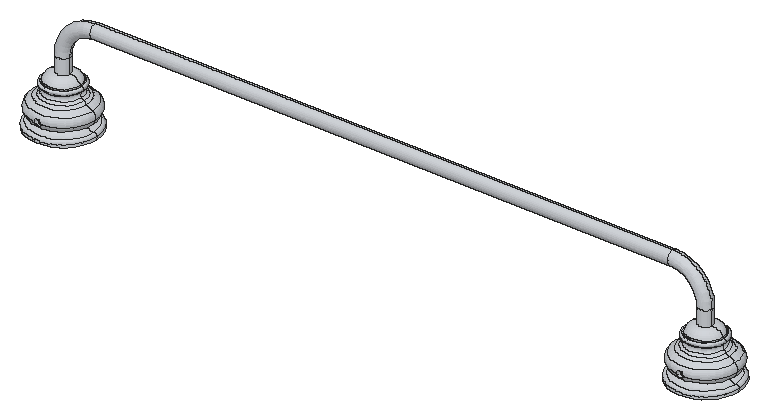
Revit family "Accessory-Towel_Bar-KOHLER-Fairfax-K-12151", category Specialty Equipment, host Face, Revit 2015
Parameters (values of type "CP-Polished Chrome")
  Width = 3 7/8"  # constant formula
  URL = "https://www.us.kohler.com/us/"
  Type = 1
  Product Page URL = "http://www.us.kohler.com/us/catalog/productDetails.jsp?productNumber=12151"
  Product Name = "Fairfax"  # constant formula
  Product Documentation Link = "http://www.us.kohler.com/onlinecatalog/pdf/K-12151_spec.pdf"
  Model = if(Type = 1, "K-12151-CP", if(Type = 2, "K-12151-BN", if(Type = 3, "K-12151-2BZ", "NA")))  # "K-12151-CP"
  Material = "Brass Construction"  # constant formula
  MasterFormat 2004 = "10.28.13"  # constant formula
  MasterFormat 1995 = "10820"  # constant formula
  Manufacturer Address = "444 Highland Dr, Kohler, WI 53044"  # constant formula
  Manufacturer = "KOHLER Co."  # constant formula
  Length = 26 1/2"  # constant formula
  Height = 2 1/2"  # constant formula
  Finish = Kohler-Metal-CP-Polished_Chrome
  Environmental Product Declaration = ""
  Description = "24 inch Towel Bar"  # constant formula
  Default Elevation = 42"
  Declare Label = ""
  Date Modified = "11/22/2018"  # constant formula
  Date Created = "11/22/2018"  # constant formula
  Copyright = "Copyright KOHLER Co."  # constant formula
  Contact Us = "https://www.us.kohler.com/us/static/contact.jsp"
  Assembly Code = "C1030200"
  ADA Compliant = 1 = 0  # no
Types (4): name | Type | Model | Finish
  (no name) | 1 | "K-12151-CP" | Kohler-Metal-CP-Polished_Chrome
  CP-Polished Chrome | 1 | "K-12151-CP" | Kohler-Metal-CP-Polished_Chrome
  BN-Vibrant Brushed Nickel | 2 | "K-12151-BN" | Kohler-Metal-BN-Vibrant_Brushed_Nickel
  2BZ-Oil-Rubbed Bronze | 3 | "K-12151-2BZ" | Kohler-Metal-2BZ-Oil_Rubbed_Bronze
Reference planes (in)
  plane 1 "Center (Front/Back)": y = 0
  plane 2: z = 0
  plane 3 "Center (Left/Right)": x = 0
  plane 4: x = -13.25
  plane 5: x = -10.75
  plane 6: x = -12
  plane 7: x = 12
  plane 8: x = 13.25
  plane 9: x = 10.75
  plane 10: z = 3.875
  plane 11: y = 1.25
  plane 12: y = -1.25
Dimensions and locks (in)
  "Height": plane 4 to plane 5
  "Width": plane 10 to level
  plane 6 to plane 7 = 24"
  "Length": plane 4 to plane 8
  plane 11 to plane 12 = 2 1/2"
  aligned and locked: plane 2 to host face
  aligned and locked: level to host face
Automatic sketch dimensions
  host sketch curve to host sketch curve = 96"  (x2)
Nested families (in)
  nested 1: "K-12151" at (0, 0, 0), type "K-12151"
Definition of nested family "K-12151"
  Parameters (values of type "K-12151")
    Material = none
  Reference planes (in)
    plane 1 "Center (Front/Back)": y = 0
    plane 2: z = 0
    plane 3 "Center (Left/Right)": x = 0
    plane 4: x = -12
    plane 5: x = 12
    plane 6: x = -10.75
    plane 7: x = -13.25
    plane 8: x = 10.75
    plane 9: x = 13.25
    plane 10: z = 3.875
    plane 11: y = 1.25
    plane 12: y = -1.25
  Forms (in)
    Revolve 1, solid, material <- "Material", detail levels medium+fine
      sketch origin (0.00787, 0, 0) x (1, 0, 0) y (0, 0, 1)
        loop
          line (-13.09326, 0.44291) -> (-12.79925, 0.44291)
          arc (-12.79925, 0.44291) -> (-12.93188, 0.26114) -> (-13.14845, 0.20002) r 0.3445
          arc (-13.14845, 0.20002) -> (-13.22543, 0.17197) -> (-13.25787, 0.09673) r 0.10346
          line (-13.25787, 0.09673) -> (-13.25787, 0) -> (-12.00787, 0) -> (-12.00787, 1.85701) -> (-12.25984, 1.85701)
          arc (-12.25984, 1.85701) -> (-12.49641, 1.78389) -> (-12.64156, 1.58329) r 0.39084
          arc (-12.64156, 1.58329) -> (-12.63857, 1.56527) -> (-12.62226, 1.55701) r 0.02023
          line (-12.62226, 1.55701) -> (-12.69537, 1.55701)
          arc (-12.69537, 1.55701) -> (-12.75214, 1.51857) -> (-12.74053, 1.45101) r 0.06323
          arc (-12.74053, 1.45101) -> (-12.71895, 1.42803) -> (-12.69686, 1.40555) r 1.41987
          arc (-12.69686, 1.40555) -> (-12.65343, 1.30884) -> (-12.68563, 1.20784) r 0.14834
          arc (-12.68563, 1.20784) -> (-12.72881, 1.16137) -> (-12.77842, 1.12183) r 0.42563
          arc (-12.77842, 1.12183) -> (-12.84278, 1.08073) -> (-12.90949, 1.04357) r 1.27084
          arc (-12.90949, 1.04357) -> (-13.01741, 0.97754) -> (-13.11491, 0.89692) r 0.89261
          arc (-13.11491, 0.89692) -> (-13.1933, 0.76067) -> (-13.18518, 0.60369) r 0.27777
          arc (-13.18518, 0.60369) -> (-13.14651, 0.51914) -> (-13.09326, 0.44291) r 0.51489
        axis (-12.00787, 0) -> (-12.00787, 1.85701)
      angle from 0 to 360
    Extrusion 2, void
      sketch origin (0.00787, 0, 0) x (1, 0, 0) y (0, 0, 1)
        loop
          spline (-12.00787, 0.76025) -> (-12.04153, 0.75563) -> (-12.0729, 0.7421) -> (-12.09984, 0.72057) -> (-12.1205, 0.69251) -> (-12.1335, 0.65984) -> (-12.13793, 0.62477) -> (-12.1335, 0.58971) -> (-12.1205, 0.55704) -> (-12.09984, 0.52898) -> (-12.0729, 0.50745) -> (-12.04153, 0.49392) -> (-12.00787, 0.4893)
          spline (-12.00787, 0.4893) -> (-11.97421, 0.49392) -> (-11.94285, 0.50745) -> (-11.91591, 0.52898) -> (-11.89524, 0.55704) -> (-11.88225, 0.58971) -> (-11.87782, 0.62477) -> (-11.88225, 0.65984) -> (-11.89524, 0.69251) -> (-11.91591, 0.72057) -> (-11.94285, 0.7421) -> (-11.97421, 0.75563) -> (-12.00787, 0.76025)
      from 1.02657 to 1.25322
    Revolve 3, solid, material <- "Material", detail levels medium+fine
      sketch origin (-0.00787, 0, 0) x (-1, 0, 0) y (0, 0, 1)
        loop
          line (-13.09326, 0.44291) -> (-12.79925, 0.44291)
          arc (-12.79925, 0.44291) -> (-12.92993, 0.26251) -> (-13.14368, 0.19978) r 0.3445
          arc (-13.14368, 0.19978) -> (-13.22412, 0.16952) -> (-13.25787, 0.09048) r 0.1094
          line (-13.25787, 0.09048) -> (-13.25787, 0) -> (-12.00787, 0) -> (-12.00787, 1.85701) -> (-12.25984, 1.85701)
          arc (-12.25984, 1.85701) -> (-12.49641, 1.78389) -> (-12.64156, 1.58329) r 0.39084
          arc (-12.64156, 1.58329) -> (-12.63857, 1.56527) -> (-12.62226, 1.55701) r 0.02023
          line (-12.62226, 1.55701) -> (-12.69537, 1.55701)
          arc (-12.69537, 1.55701) -> (-12.75214, 1.51857) -> (-12.74053, 1.45101) r 0.06323
          arc (-12.74053, 1.45101) -> (-12.71895, 1.42803) -> (-12.69686, 1.40555) r 1.41987
          arc (-12.69686, 1.40555) -> (-12.65343, 1.30884) -> (-12.68563, 1.20784) r 0.14834
          arc (-12.68563, 1.20784) -> (-12.72881, 1.16137) -> (-12.77842, 1.12183) r 0.42563
          arc (-12.77842, 1.12183) -> (-12.84278, 1.08073) -> (-12.90949, 1.04357) r 1.27084
          arc (-12.90949, 1.04357) -> (-13.01741, 0.97754) -> (-13.11491, 0.89692) r 0.89261
          arc (-13.11491, 0.89692) -> (-13.1933, 0.76067) -> (-13.18518, 0.60369) r 0.27777
          arc (-13.18518, 0.60369) -> (-13.14651, 0.51914) -> (-13.09326, 0.44291) r 0.51489
        axis (-12.00787, 0) -> (-12.00787, 1.85701)
      angle from 0 to 360
    Extrusion 4, void
      sketch origin (-0.00787, 0, 0) x (-1, 0, 0) y (0, 0, -1)
        loop
          spline (-12.00787, -0.76025) -> (-11.97421, -0.75563) -> (-11.94285, -0.7421) -> (-11.91591, -0.72057) -> (-11.89524, -0.69251) -> (-11.88225, -0.65984) -> (-11.87782, -0.62477) -> (-11.88225, -0.58971) -> (-11.89524, -0.55704) -> (-11.91591, -0.52898) -> (-11.94285, -0.50745) -> (-11.97421, -0.49392) -> (-12.00787, -0.4893)
          spline (-12.00787, -0.4893) -> (-12.04153, -0.49392) -> (-12.0729, -0.50745) -> (-12.09984, -0.52898) -> (-12.1205, -0.55704) -> (-12.1335, -0.58971) -> (-12.13793, -0.62477) -> (-12.1335, -0.65984) -> (-12.1205, -0.69251) -> (-12.09984, -0.72057) -> (-12.0729, -0.7421) -> (-12.04153, -0.75563) -> (-12.00787, -0.76025)
      from 1.02657 to 1.25322
    Sweep 5, solid, material <- "Material", detail levels medium+fine
      path origin (0, 0, 0.01405) x (1, 0, 0) y (0, 0, 1)
        loop
          line (-12, 1.81074) -> (-12, 2.40023)
          arc (-12, 2.40023) -> (-11.64597, 3.25495) -> (-10.79125, 3.60898) r 1.20875
          line (-10.79125, 3.60898) -> (10.79125, 3.60898)
          arc (10.79125, 3.60898) -> (11.64597, 3.25495) -> (12, 2.40023) r 1.20875
          line (12, 2.40023) -> (12, 1.80843)
      profile origin (-12, 0, 1.82479) x (-1, 0, 0) y (0, -1, 0)
        loop
          circle (0, 0) r 0.25196
    Revolve 6, solid, material <- "Material", detail levels coarse
      sketch origin (0, 0, 0) x (1, 0, 0) y (0, 0, 1)
        loop
          line (-13.36683, 0) -> (-12, 0) -> (-12, 1.90569) -> (-12.79137, 1.90569) -> (-12.79137, 1.55475) -> (-13.25, 1.55475) -> (-13.25, 0.30475) -> (-13.36683, 0.30475) -> (-13.36683, 0)
        axis (-12, 1.90569) -> (-12, 0)
      angle from 0 to 360
    Revolve 7, solid, material <- "Material", detail levels coarse
      sketch origin (0, 0, 0) x (-1, 0, 0) y (0, 0, 1)
        loop
          line (-13.36683, 0) -> (-12, 0) -> (-12, 1.90569) -> (-12.79137, 1.90569) -> (-12.79137, 1.55475) -> (-13.25, 1.55475) -> (-13.25, 0.30475) -> (-13.36683, 0.30475) -> (-13.36683, 0)
        axis (-12, 1.90569) -> (-12, 0)
      angle from 0 to 360
    Sweep 8, solid, material <- "Material", detail levels coarse
      path origin (0, 0, 0) x (1, 0, 0) y (0, 0, 1)
        loop
          line (-12, 1.90569) -> (-12, 2.35701)
          arc (-12, 2.35701) -> (-11.63388, 3.24089) -> (-10.75, 3.60701) r 1.25
          line (-10.75, 3.60701) -> (10.75, 3.60701)
          arc (10.75, 3.60701) -> (11.63388, 3.24089) -> (12, 2.35701) r 1.25
          line (12, 2.35701) -> (12, 1.90569)
      profile origin (-12, 0, 1.90569) x (-1, 0, 0) y (0, -1, 0)
        loop
          circle (0, 0) r 0.43272
  Cuts and joins
    Extrusion 2, Extrusion 4 cuts Revolve 1
    Extrusion 4 cuts Revolve 3
    joined: Revolve 1, Revolve 3, Sweep 5
    joined: Revolve 6, Revolve 7, Sweep 8
  Lines and regions (in)
    Masking region 1
      outline origin (0, 0, 0) x (1, 0, 0) y (0, 1, 0)
        loop
          arc (10.77566, -0.25196) -> (11.21021, -0.96888) -> (12, -1.25) r 1.25
          arc (12, -1.25) -> (12.88388, -0.88388) -> (13.25, 0) r 1.25
          arc (13.25, 0) -> (12.88388, 0.88388) -> (12, 1.25) r 1.25
          arc (12, 1.25) -> (11.21021, 0.96888) -> (10.77566, 0.25196) r 1.25
          line (10.77566, 0.25196) -> (-10.77566, 0.25196)
          arc (-10.77566, 0.25196) -> (-11.21021, 0.96888) -> (-12, 1.25) r 1.25
          arc (-12, 1.25) -> (-12.88388, 0.88388) -> (-13.25, 0) r 1.25
          arc (-13.25, 0) -> (-12.88388, -0.88388) -> (-12, -1.25) r 1.25
          arc (-12, -1.25) -> (-11.21021, -0.96888) -> (-10.77566, -0.25196) r 1.25
          line (-10.77566, -0.25196) -> (10.77566, -0.25196)
    Masking region 2
      outline origin (0, 0, 0) x (1, 0, 0) y (0, 0, 1)
        loop
          line (13.25, 0) -> (13.25, 0.09056)
          arc (13.25, 0.09056) -> (13.21779, 0.16805) -> (13.14013, 0.19985) r 0.10929
          line (13.14013, 0.19985) -> (13.10176, 0.19985)
          arc (13.10176, 0.19985) -> (12.90837, 0.27261) -> (12.79137, 0.44291) r 0.34455
          line (12.79137, 0.44291) -> (13.08539, 0.44291)
          arc (13.08539, 0.44291) -> (13.12254, 0.49317) -> (13.15287, 0.54781) r 0.48086
          arc (13.15287, 0.54781) -> (13.17495, 0.60316) -> (13.19001, 0.66082) r 0.48086
          arc (13.19001, 0.66082) -> (13.19223, 0.73391) -> (13.17088, 0.80385) r 0.22496
          arc (13.17088, 0.80385) -> (13.11484, 0.88765) -> (13.03914, 0.95421) r 0.38872
          arc (13.03914, 0.95421) -> (12.9496, 1.01665) -> (12.85424, 1.06975) r 1.08316
          arc (12.85424, 1.06975) -> (12.75934, 1.12931) -> (12.6786, 1.20698) r 0.54606
          arc (12.6786, 1.20698) -> (12.64443, 1.30028) -> (12.6786, 1.39358) r 0.14448
          arc (12.6786, 1.39358) -> (12.70625, 1.4236) -> (12.73426, 1.45327) r 3.3
          arc (12.73426, 1.45327) -> (12.74944, 1.49165) -> (12.73698, 1.53099) r 0.06157
          arc (12.73698, 1.53099) -> (12.71513, 1.54951) -> (12.6875, 1.55701) r 0.0659
          line (12.6875, 1.55701) -> (12.61473, 1.55701)
          arc (12.61473, 1.55701) -> (12.63071, 1.56519) -> (12.63371, 1.58289) r 0.02002
          arc (12.63371, 1.58289) -> (12.48909, 1.78437) -> (12.25196, 1.85701) r 0.38776
          line (12.25196, 1.85701) -> (12.25196, 2.41194)
          arc (12.25196, 2.41194) -> (11.82344, 3.44648) -> (10.7889, 3.875) r 1.46306
          line (10.7889, 3.875) -> (-10.7889, 3.875)
          arc (-10.7889, 3.875) -> (-11.82344, 3.44648) -> (-12.25196, 2.41194) r 1.46306
          line (-12.25196, 2.41194) -> (-12.25196, 1.85701)
          arc (-12.25196, 1.85701) -> (-12.48909, 1.78437) -> (-12.63371, 1.58289) r 0.38776
          arc (-12.63371, 1.58289) -> (-12.63071, 1.56519) -> (-12.61473, 1.55701) r 0.02002
          line (-12.61473, 1.55701) -> (-12.6875, 1.55701)
          arc (-12.6875, 1.55701) -> (-12.71513, 1.54951) -> (-12.73698, 1.53099) r 0.0659
          arc (-12.73698, 1.53099) -> (-12.74944, 1.49165) -> (-12.73426, 1.45327) r 0.06157
          arc (-12.73426, 1.45327) -> (-12.70625, 1.4236) -> (-12.6786, 1.39358) r 3.3
          arc (-12.6786, 1.39358) -> (-12.64443, 1.30028) -> (-12.6786, 1.20698) r 0.14448
          arc (-12.6786, 1.20698) -> (-12.75934, 1.12931) -> (-12.85424, 1.06975) r 0.54606
          arc (-12.85424, 1.06975) -> (-12.9496, 1.01665) -> (-13.03914, 0.95421) r 1.08316
          arc (-13.03914, 0.95421) -> (-13.11484, 0.88765) -> (-13.17088, 0.80385) r 0.38872
          arc (-13.17088, 0.80385) -> (-13.19223, 0.73391) -> (-13.19001, 0.66082) r 0.22496
          arc (-13.19001, 0.66082) -> (-13.17495, 0.60316) -> (-13.15287, 0.54781) r 0.48086
          arc (-13.15287, 0.54781) -> (-13.12254, 0.49317) -> (-13.08539, 0.44291) r 0.48086
          line (-13.08539, 0.44291) -> (-12.79137, 0.44291)
          arc (-12.79137, 0.44291) -> (-12.90837, 0.27261) -> (-13.10176, 0.19985) r 0.34455
          line (-13.10176, 0.19985) -> (-13.14013, 0.19985)
          arc (-13.14013, 0.19985) -> (-13.21779, 0.16805) -> (-13.25, 0.09056) r 0.10929
          line (-13.25, 0.09056) -> (-13.25, 0) -> (-10.75, 0) -> (-10.75, 0.09056)
          arc (-10.75, 0.09056) -> (-10.78221, 0.16805) -> (-10.85987, 0.19985) r 0.10929
          line (-10.85987, 0.19985) -> (-10.89824, 0.19985)
          arc (-10.89824, 0.19985) -> (-11.09163, 0.27261) -> (-11.20863, 0.44291) r 0.34455
          line (-11.20863, 0.44291) -> (-10.91461, 0.44291)
          arc (-10.91461, 0.44291) -> (-10.87746, 0.49317) -> (-10.84713, 0.54781) r 0.48086
          arc (-10.84713, 0.54781) -> (-10.82505, 0.60316) -> (-10.80999, 0.66082) r 0.48086
          arc (-10.80999, 0.66082) -> (-10.80777, 0.73391) -> (-10.82912, 0.80385) r 0.22496
          arc (-10.82912, 0.80385) -> (-10.88516, 0.88765) -> (-10.96086, 0.95421) r 0.38872
          arc (-10.96086, 0.95421) -> (-11.0504, 1.01665) -> (-11.14576, 1.06975) r 1.08316
          arc (-11.14576, 1.06975) -> (-11.24066, 1.12931) -> (-11.3214, 1.20698) r 0.54606
          arc (-11.3214, 1.20698) -> (-11.35557, 1.30028) -> (-11.3214, 1.39358) r 0.14448
          arc (-11.3214, 1.39358) -> (-11.29375, 1.4236) -> (-11.26574, 1.45327) r 3.3
          arc (-11.26574, 1.45327) -> (-11.25056, 1.49165) -> (-11.26302, 1.53099) r 0.06157
          arc (-11.26302, 1.53099) -> (-11.28487, 1.54951) -> (-11.3125, 1.55701) r 0.0659
          line (-11.3125, 1.55701) -> (-11.38527, 1.55701)
          arc (-11.38527, 1.55701) -> (-11.36929, 1.56519) -> (-11.36629, 1.58289) r 0.02002
          arc (-11.36629, 1.58289) -> (-11.51091, 1.78437) -> (-11.74804, 1.85701) r 0.38776
          line (-11.74804, 1.85701) -> (-11.74804, 2.42183)
          arc (-11.74804, 2.42183) -> (-11.49148, 3.0717) -> (-10.86018, 3.37107) r 0.95137
          line (-10.86018, 3.37107) -> (10.73316, 3.37107)
          arc (10.73316, 3.37107) -> (11.44655, 3.11664) -> (11.74804, 2.42183) r 0.95137
          line (11.74804, 2.42183) -> (11.74804, 1.85701)
          arc (11.74804, 1.85701) -> (11.51091, 1.78437) -> (11.36629, 1.58289) r 0.38776
          arc (11.36629, 1.58289) -> (11.36929, 1.56519) -> (11.38527, 1.55701) r 0.02002
          line (11.38527, 1.55701) -> (11.3125, 1.55701)
          arc (11.3125, 1.55701) -> (11.28487, 1.54951) -> (11.26302, 1.53099) r 0.0659
          arc (11.26302, 1.53099) -> (11.25056, 1.49165) -> (11.26574, 1.45327) r 0.06157
          arc (11.26574, 1.45327) -> (11.29375, 1.4236) -> (11.3214, 1.39358) r 3.3
          arc (11.3214, 1.39358) -> (11.35557, 1.30028) -> (11.3214, 1.20698) r 0.14448
          arc (11.3214, 1.20698) -> (11.24066, 1.12931) -> (11.14576, 1.06975) r 0.54606
          arc (11.14576, 1.06975) -> (11.0504, 1.01665) -> (10.96086, 0.95421) r 1.08316
          arc (10.96086, 0.95421) -> (10.88516, 0.88765) -> (10.82912, 0.80385) r 0.38872
          arc (10.82912, 0.80385) -> (10.80777, 0.73391) -> (10.80999, 0.66082) r 0.22496
          arc (10.80999, 0.66082) -> (10.82505, 0.60316) -> (10.84713, 0.54781) r 0.48086
          arc (10.84713, 0.54781) -> (10.87746, 0.49317) -> (10.91461, 0.44291) r 0.48086
          line (10.91461, 0.44291) -> (11.20863, 0.44291)
          arc (11.20863, 0.44291) -> (11.09163, 0.27261) -> (10.89824, 0.19985) r 0.34455
          line (10.89824, 0.19985) -> (10.85987, 0.19985)
          arc (10.85987, 0.19985) -> (10.78221, 0.16805) -> (10.75, 0.09056) r 0.10929
          line (10.75, 0.09056) -> (10.75, 0) -> (13.25, 0)
    Masking region 3
      outline origin (0, 0, 0) x (0, 1, 0) y (0, 0, 1)
        loop
          line (0.79139, 0.44291) -> (1.08539, 0.44291)
          arc (1.08539, 0.44291) -> (1.15468, 0.55214) -> (1.19212, 0.67596) r 0.47768
          arc (1.19212, 0.67596) -> (1.18467, 0.76203) -> (1.15084, 0.84153) r 0.27455
          arc (1.15084, 0.84153) -> (1.09683, 0.90547) -> (1.03288, 0.95948) r 0.49879
          arc (1.03288, 0.95948) -> (0.95704, 1.01165) -> (0.8769, 1.05695) r 1.04867
          arc (0.8769, 1.05695) -> (0.78687, 1.11101) -> (0.70528, 1.17712) r 0.7498
          arc (0.70528, 1.17712) -> (0.66865, 1.2232) -> (0.64706, 1.27797) r 0.1995
          arc (0.64706, 1.27797) -> (0.64944, 1.3333) -> (0.67155, 1.38407) r 0.15151
          arc (0.67155, 1.38407) -> (0.7013, 1.41823) -> (0.73265, 1.45093) r 0.95052
          arc (0.73265, 1.45093) -> (0.74514, 1.5189) -> (0.6875, 1.55701) r 0.06265
          line (0.6875, 1.55701) -> (0.61667, 1.55701)
          arc (0.61667, 1.55701) -> (0.63149, 1.56456) -> (0.63429, 1.58093) r 0.01843
          arc (0.63429, 1.58093) -> (0.48943, 1.78309) -> (0.25196, 1.85701) r 0.39103
          line (0.25196, 1.85701) -> (0.25196, 3.62343)
          arc (0.25196, 3.62343) -> (0.17814, 3.80145) -> (0, 3.875) r 0.25157
          arc (0, 3.875) -> (-0.17814, 3.80145) -> (-0.25196, 3.62343) r 0.25157
          line (-0.25196, 3.62343) -> (-0.25196, 1.85701)
          arc (-0.25196, 1.85701) -> (-0.48943, 1.78309) -> (-0.63429, 1.58093) r 0.39103
          arc (-0.63429, 1.58093) -> (-0.63149, 1.56456) -> (-0.61667, 1.55708) r 0.01843
          line (-0.61667, 1.55708) -> (-0.6875, 1.55701)
          arc (-0.6875, 1.55701) -> (-0.74514, 1.5189) -> (-0.73265, 1.45093) r 0.06265
          arc (-0.73265, 1.45093) -> (-0.7013, 1.41823) -> (-0.67155, 1.38407) r 0.95052
          arc (-0.67155, 1.38407) -> (-0.64944, 1.3333) -> (-0.64706, 1.27797) r 0.15151
          arc (-0.64706, 1.27797) -> (-0.66865, 1.2232) -> (-0.70528, 1.17712) r 0.1995
          arc (-0.70528, 1.17712) -> (-0.78687, 1.11101) -> (-0.8769, 1.05695) r 0.7498
          arc (-0.8769, 1.05695) -> (-0.95704, 1.01165) -> (-1.03288, 0.95948) r 1.04867
          arc (-1.03288, 0.95948) -> (-1.09683, 0.90547) -> (-1.15084, 0.84153) r 0.49879
          arc (-1.15084, 0.84153) -> (-1.18467, 0.76203) -> (-1.19212, 0.67596) r 0.27455
          arc (-1.19212, 0.67596) -> (-1.15468, 0.55214) -> (-1.08539, 0.44291) r 0.47768
          line (-1.08539, 0.44291) -> (-0.79139, 0.44291)
          arc (-0.79139, 0.44291) -> (-0.90685, 0.27444) -> (-1.09712, 0.20019) r 0.34673
          line (-1.09712, 0.20019) -> (-1.14821, 0.20019)
          arc (-1.14821, 0.20019) -> (-1.22025, 0.16964) -> (-1.25, 0.09726) r 0.10294
          line (-1.25, 0.09726) -> (-1.25, 0) -> (0, 0) -> (1.25, 0) -> (1.25, 0.09726)
          arc (1.25, 0.09726) -> (1.22025, 0.16964) -> (1.14821, 0.20019) r 0.10294
          line (1.14821, 0.20019) -> (1.09712, 0.20019)
          arc (1.09712, 0.20019) -> (0.90685, 0.27444) -> (0.79139, 0.44291) r 0.34673
    symbolic lines, detail levels medium+fine
      curve 1: arc (-12, -0.25196, 0) -> (-12.17816, -0.17816, 0) -> (-12.25196, 0, 0) r 0.25196
      curve 2: arc (-12.25196, 0, 0) -> (-12.17816, 0.17816, 0) -> (-12, 0.25196, 0) r 0.25196
      curve 3: arc (-12.6875, 0, 0) -> (-12.12823, -0.67544, 0) -> (-11.36034, -0.25196, 0) r 0.6875
      curve 4: arc (-10.83218, 0.25196, 0) -> (-13.1947, 0, 0) -> (-10.83218, -0.25196, 0) r 1.1947
      curve 5: line (-12, 0.25196, 0) -> (-10.77566, 0.25196, 0)
      curve 6: line (-10.77566, -0.25196, 0) -> (-12, -0.25196, 0)
      curve 7: arc (-11.29359, 0.25196, 0) -> (-12.75, 0, 0) -> (-11.29359, -0.25196, 0) r 0.75
      curve 8: arc (-11.36034, 0.25196, 0) -> (-12.12823, 0.67544, 0) -> (-12.6875, 0, 0) r 0.6875
      curve 9: arc (-11.40558, 0.25196, 0) -> (-12.64562, 0, 0) -> (-11.40558, -0.25196, 0) r 0.64562
      curve 10: arc (12, -0.25196, 0) -> (12.17816, -0.17816, 0) -> (12.25196, 0, 0) r 0.25196
      curve 11: arc (12.25196, 0, 0) -> (12.17816, 0.17816, 0) -> (12, 0.25196, 0) r 0.25196
      curve 12: arc (12.6875, 0, 0) -> (12.12823, -0.67544, 0) -> (11.36034, -0.25196, 0) r 0.6875
      curve 13: arc (10.83218, 0.25196, 0) -> (13.1947, 0, 0) -> (10.83218, -0.25196, 0) r 1.1947
      curve 14: line (12, 0.25196, 0) -> (10.77566, 0.25196, 0)
      curve 15: line (10.77566, -0.25196, 0) -> (12, -0.25196, 0)
      curve 16: arc (11.29359, 0.25196, 0) -> (12.75, 0, 0) -> (11.29359, -0.25196, 0) r 0.75
      curve 17: arc (11.36034, 0.25196, 0) -> (12.12823, 0.67544, 0) -> (12.6875, 0, 0) r 0.6875
      curve 18: arc (11.40558, 0.25196, 0) -> (12.64562, 0, 0) -> (11.40558, -0.25196, 0) r 0.64562
      curve 19: line (12.79137, 0, 0.44291) -> (11.20863, 0, 0.44291)
      curve 20: line (12.61439, 0, 1.55701) -> (11.38561, 0, 1.55701)
      curve 21: line (12.25196, 0, 1.85701) -> (11.74804, 0, 1.85701)
      curve 22: line (13.10176, 0, 0.19985) -> (10.89824, 0, 0.19985)
      curve 23: line (-10.89824, 0, 0.19985) -> (-13.10176, 0, 0.19985)
      curve 24: line (-11.20863, 0, 0.44291) -> (-12.79137, 0, 0.44291)
      curve 25: line (-11.38561, 0, 1.55701) -> (-12.61473, 0, 1.55701)
      curve 26: line (-11.74804, 0, 1.85701) -> (-12.25196, 0, 1.85701)
      curve 27: line (0, 0.25196, 1.85701) -> (0, -0.25196, 1.85701)
      curve 28: line (0, 0.61439, 1.55701) -> (0, -0.64082, 1.55701)
      curve 29: line (0, 0.79139, 0.44291) -> (0, -0.79139, 0.44291)
      curve 30: line (0, 1.09712, 0.20019) -> (0, -1.09712, 0.20019)
  Dimensions and locks (in)
    plane 3 "Center (Left/Right)" to plane 4 = 12"
    plane 7 to plane 6 = 2 1/2"  (x2)
    plane 10 to level = 3 7/8"  (x2)
    plane 4 to plane 5 = 24"
    plane 8 to plane 9 = 2 1/2"
    plane 11 to plane 12 = 2 1/2"
    aligned and locked: plane 2 to level
